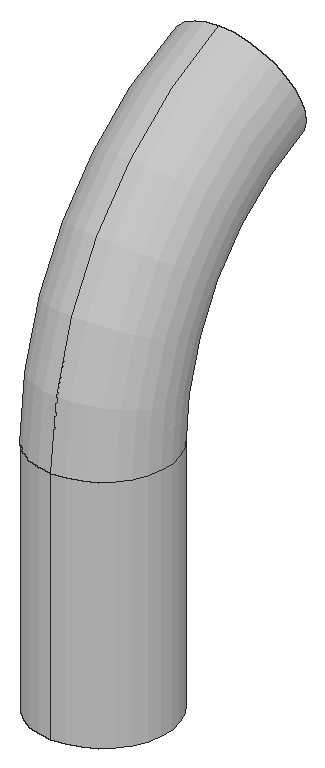
Revit family "Accessories-TSL-947_Coat_Hook-THESPLASHLAB", category Generic Models, host Face, Revit 2016
Family settings
  Host = Face
  Part Type = Normal
  Can host rebar = No
  Round Connector Dimension = Use Diameter
  OmniClass Number = 23.45.55.14
  OmniClass Title = Single Faucets
  Cut with Voids When Loaded = No
  Shared = No
  Room Calculation Point = No
Parameters (values of type "TSL-947_steel")
  material test = none
  finish = Brushed stainless steel finish
  _distributed by = ""
  _current revision = 1
  _created by = CreatedBy  # "www.thesplashlab.com"
  _authorized by = ""
  _BIMspec_GUID = 0
  Waste Connection = no
  WarrantyStartDate [instance] = ""
  WarrantyGuarantorParts = "email: technical@thesplashlab.com"  # constant formula
  WarrantyGuarantorLabor = ""
  WarrantyDurationUnit = "months"
  WarrantyDurationParts = "12"
  WarrantyDescription = "2 years from date of purchase"  # constant formula
  Version = ""
  Vent Connection = no
  Uniclass2 = "Pr_40_30_78_16"  # constant formula
  URL = "www.thesplashlab.com"
  TypeName = "TSL-947CS"
  Type Comments = "The coat hook is made from AISI 304 type stainless steel in a brushed satin finish\r\n"  # constant formula
  TagNumber = ""
  Size = ""
  Shape = ""
  SerialNumber [instance] = ""
  ReplacementCost = ""
  ReferencedStandard = ""
  ProductionYear = ""
  Product Specification Link = "www.thesplashlab.com"
  Product Page Link = "www.thesplashlab.com"
  Product O&M Link = "www.thesplashlab.com"
  Product Documentation Link = "www.thesplashlab.com"
  NBSTypeID = ""
  NBSReference = Uniclass2  # "Pr_40_30_78_16"
  NBSObjectName = "Washroom_Accessories-TSL-470_Soap_Dispenser-THESPLASHLAB-Wall_Mounted"  # constant formula
  NBSNote = ""
  NBS Specfication = ""
  Mtrl_distributed by = ""
  Mtrl_current revision = 0
  Mtrl_created by = ""
  Mtrl_bimspec_guid = 0
  Mtrl_authorized by = ""
  Mtrl_WarrantyStartDate = ""
  Mtrl_WarrantyGuarantorParts = ""
  Mtrl_WarrantyGuarantorLabor = ""
  Mtrl_WarrantyDurationUnit = ""
  Mtrl_WarrantyDurationParts = 0
  Mtrl_WarrantyDurationLabor = 0
  Mtrl_WarrantyDescription = ""
  Mtrl_Uniclass2 = ""
  Mtrl_TypeName = ""
  Mtrl_TagNumber = 0
  Mtrl_SpareParts = ""
  Mtrl_Size = ""
  Mtrl_Shape = ""
  Mtrl_SerialNumber = 0
  Mtrl_ReplacementCost = 0
  Mtrl_ReferencedStandard = ""
  Mtrl_ProductionYear = ""
  Mtrl_ModelNumber = ""
  Mtrl_Material = "stainless steel"  # constant formula
  Mtrl_Manufacturer = ""
  Mtrl_InstallationDate = ""
  Mtrl_Grade = "316AISI"  # constant formula
  Mtrl_Finish = ""
  Mtrl_Features = ""
  Mtrl_ExpectedLife = 0
  Mtrl_Exidentifier = ""
  Mtrl_DurationUnit = ""
  Mtrl_DocumentationTechnical = ""
  Mtrl_DocumentationMaintenance = ""
  Mtrl_DocumentationLiterature = ""
  Mtrl_DocumentationInstallationGuide = ""
  Mtrl_DocumentationCertificates = ""
  Mtrl_CreatedOn = ""
  Mtrl_CreatedBy = ""
  Mtrl_Constituents = ""
  Mtrl_Color = Color  # ""
  Mtrl_CodePerformance = ""
  Mtrl_ClassificationValue = ""
  Mtrl_ClassificationName = ""
  Mtrl_BarCode = ""
  Mtrl_AssetType = ""
  Mtrl_AssetIdentifier = ""
  Mtrl_AccessibilityPerformance = ""
  ModelNumber = ""
  Model = TypeName  # "TSL-947CS"
  Material = Finish  # "Brushed stainless steel finish"
  Manufacturer Tel = ""
  Manufacturer Fax = ""
  Manufacturer Address = ""
  Manufacturer = "TheSplashLab"  # constant formula
  Keynote = "N13"
  InstallationDate [instance] = ""
  Grade = Mtrl_Grade  # "316AISI"
  Finish = "Brushed stainless steel finish"
  Features = ""
  Extidentifier = ""
  ExpectedLife = 2
  DurationUnit = "Years"
  DocumentationTechnical = "www.thesplashlab.com"
  DocumentationMaintenance = "www.thesplashlab.com"
  DocumentationLiterature = "www.thesplashlab.com"
  DocumentationInstallationGuide = "www.thesplashlab.com"
  DocumentationCertificates = ""
  Description = ""
  Default Elevation = 0.0 mm
  CreatedOn = "'october 2016'"
  CreatedBy = "www.thesplashlab.com"
  Constituents = ""
  Color = ""
  CodePerformance = ""
  ClassificationValue = ""
  ClassificationName = ""
  BarCode [instance] = ""
  AssetType = "fixed"
  AssetIdentifier [instance] = ""
  Assembly Code = "E2010"
  AccessibilityPerformance = ""
Types (5, lengths in mm): name | finish | TypeName | Model | Material | Finish
  TSL-947_steel | Brushed stainless steel finish | "TSL-947CS" | "TSL-947CS" | "Brushed stainless steel finish" | "Brushed stainless steel finish"
  TSL-947_copper | Brushed copper finish | "TSL-947CP" | "TSL-947CP" | "Brushed copper finish" | "Brushed copper finish"
  TSL-947_black | Brushed black finish | "TSL-947BK" | "TSL-947BK" | "Brushed black finish" | "Brushed black finish"
  TSL-947_bronze | Brushed bronze finish | "TSL-947BZ" | "TSL-947BZ" | "Brushed bronze finish" | "Brushed bronze finish"
  TSL-947_brass | Brushed brass finish | "TSL-947BR" | "TSL-947BR" | "Brushed brass finish" | "Brushed brass finish"
Reference planes
  plane 1 "Center (Front/Back)": y = 0
  plane 2: z = 0
  plane 3 "Center (Left/Right)": x = 0
  plane 4: z = 55
  plane 5: x = -12.945
  plane 6: x = 0.055
  plane 7: y = 10.555
  plane 8: y = -6.445
Forms (mm)
  Sweep 1, solid, material "Brushed stainless steel finish" <- "finish"
    path origin (-6.445, -6.445, -6.045) x (0, -1, 0) y (0, 0, 1)
      loop
        line (0, 6.045) -> (0, 30)
        arc (0, 30) -> (-4.653, 45.116) -> (-17, 55) r 26.882
    profile origin (-6.445, -6.445, 11.978) x (0, 1, 0) y (-1, 0, 0)
      loop
        circle (0, 0) r 6.5
Dimensions and locks
  plane 4 to host face = 55.0 mm
  plane 6 to plane 5 = 13.0 mm
  plane 7 to plane 8 = 17.0 mm
  aligned and locked: plane 2 to host face
  aligned and locked: level to host face
